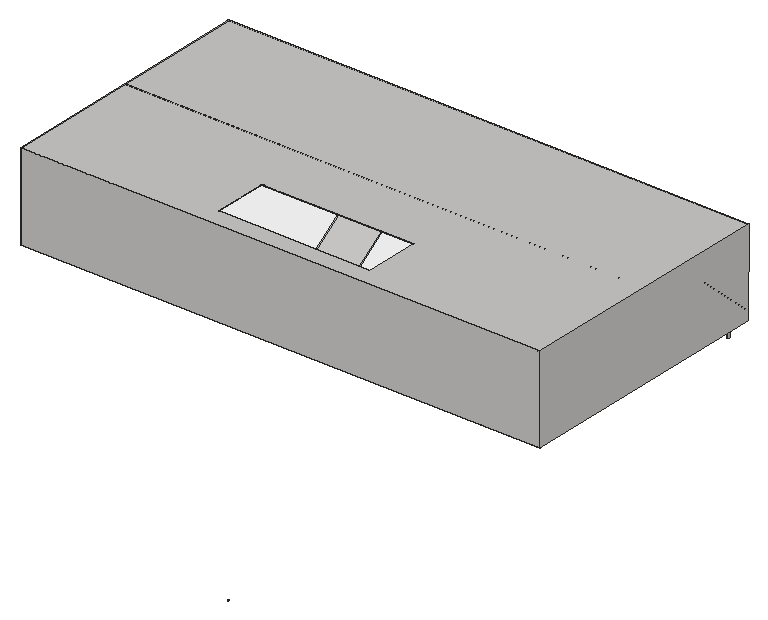
Revit family "QF_ELECTROLUXPROFESSIONAL_640191_EPF1224", category Specialty Equipment, Revit 2014
Reference planes
  plane 1: z = 0
  plane 2 "Center (Left/Right)": x = 150
  plane 3 "LEFT": x = -1050
  plane 4 "RIGHT": x = 1350
  plane 5 "BACK": y = 550
  plane 6 "TOP": z = 2400
  plane 7 "Base": z = 2000
  plane 8: z = 1970
  plane 9 "DrainY": y = 450
  plane 10: x = -1047
  plane 11: y = -320
  plane 12: y = -570
  plane 13 "DrainX": x = 1337
  plane 14 "AOLeft": x = -200
  plane 15 "AORight": x = 500
  plane 16: x = 1347
  plane 17: x = -850
  plane 18: x = 1150
  plane 19 "Center (Front/Back)": y = -50
  plane 20 "Front": y = -650
  plane 21: through (0, -49.6, 2399.19) normal (0, -0.5736, 0.8192)
  plane 22: x = 50
  plane 23: x = 250
Forms (mm)
  Extrusion 1, solid, material "QF_Finishes_Stainless Steel"
    sketch origin (-1050, 0, 360) x (0, 1, 0) y (0, 0, 1)
      loop
        line (550, 1640) -> (550, 2040) -> (-650, 2040) -> (-650, 1640) -> (550, 1640)
    from 0 to 3
  Extrusion 2, solid, material "QF_Finishes_Stainless Steel"
    sketch origin (1350, 0, 360) x (0, 1, 0) y (0, 0, 1)
      loop
        line (550, 1640) -> (550, 2040) -> (-650, 2040) -> (-650, 1640) -> (550, 1640)
    from 0 to -3
  Extrusion 3, solid, material "QF_Finishes_Stainless Steel"
    sketch origin (150, 0, 360) x (0, 1, 0) y (0, 0, 1)
      loop
        line (-650, 2040) -> (-650, 1640) -> (-640, 1640) -> (-640, 1640.8) -> (-649.2, 1640.8) -> (-649.2, 2039.19) -> (549.2, 2039.19) -> (549.2, 1640.8) -> (540, 1640.8) -> (540, 1640) -> (550, 1640) -> (550, 2040) -> (-650, 2040)
    from -1200 to 1200
  Extrusion 4, solid, material "QF_Finishes_Stainless Steel"
    sketch origin (0, 0, 2000) x (0, 1, 0) y (-1, 0, 0)
      loop
        circle (450, -1337) r 4.763
    from -30 to 0
  Extrusion 5, void
    sketch origin (0, 0, 2400) x (0, 1, 0) y (-1, 0, 0)
      loop
        line (-320, -500) -> (-320, 200) -> (-570, 200) -> (-570, -500) -> (-320, -500)
    from 0 to -10
  Extrusion 6, solid, material "QF_Finishes_Stainless Steel"
    sketch origin (0, 0, 0) x (1, 0, 0) y (0, 1, 0)
      loop
        line (-1050, 550) -> (-1050, 549) -> (-1049, 549) -> (-1049, 550) -> (-1050, 550)
    from 0 to 1
  Extrusion 7, solid, material "QF_Finishes_Stainless Steel"
    sketch origin (150, 0, 360) x (0, 1, 0) y (0, 0, 1)
      loop
        line (-131.515, 1981.832) -> (-134.381, 1985.926) -> (-573.276, 1678.608) -> (-570.553, 1674.415) -> (-131.515, 1981.832)
    from -1000 to -1197
  Extrusion 8, solid, material "QF_Finishes_Stainless Steel"
    sketch origin (150, 0, 360) x (0, 1, 0) y (0, 0, 1)
      loop
        line (-650, 2039.19) -> (-650, 1640) -> (-619.702, 1640) -> (-570.553, 1674.415) -> (-578.723, 1686.995) -> (-579.394, 1686.559) -> (-571.645, 1674.627) -> (-619.955, 1640.8) -> (-649.2, 1640.8) -> (-649.2, 2039.19) -> (-650, 2039.19)
      loop
        line (-49.6, 2039.19) -> (-50.995, 2039.19) -> (-131.319, 1982.947) -> (-139.464, 1994.578) -> (-140.119, 1994.12) -> (-131.515, 1981.832) -> (-49.6, 2039.19)
    from -1197 to 1197
  Extrusion 9, solid, material "QF_Finishes_Stainless Steel"
    sketch origin (150, 0, 360) x (0, 1, 0) y (0, 0, 1)
      loop
        line (-131.515, 1981.832) -> (-134.381, 1985.926) -> (-573.276, 1678.608) -> (-570.553, 1674.415) -> (-131.515, 1981.832)
    from 1197 to 1000
  Extrusion 10, solid, material "QF_Finishes_Stainless Steel"
    sketch origin (150, 0, 360) x (0, 1, 0) y (0, 0, 1)
      loop
        line (-131.515, 1981.832) -> (-134.381, 1985.926) -> (-573.276, 1678.608) -> (-570.553, 1674.415) -> (-131.515, 1981.832)
    from -100 to 100
  Extrusion 11, solid, material "QF_Finished_Chrome"
    sketch origin (150, 0, 360) x (0, 1, 0) y (0, 0, 1)
      loop
        line (-131.515, 1981.832) -> (-134.381, 1985.926) -> (-573.276, 1678.608) -> (-570.553, 1674.415) -> (-131.515, 1981.832)
    from -1000 to -100
  Extrusion 12, solid, material "QF_Finished_Chrome"
    sketch origin (150, 0, 360) x (0, 1, 0) y (0, 0, 1)
      loop
        line (-131.515, 1981.832) -> (-134.381, 1985.926) -> (-573.276, 1678.608) -> (-570.553, 1674.415) -> (-131.515, 1981.832)
    from 100 to 1000
  Sweep 13, solid, material "QF_Finishes_Stainless Steel"
    path origin (0, 0, 0) x (1, 0, 0) y (0, 1, 0)
      loop
        line (1350, 550) -> (-1050, 550) -> (-1050, -650) -> (1350, -650) -> (1350, 550)
    profile origin (1350, -50, 0) x (1, 0, 0) y (0, 0, 1)
      loop
        line (-3, 2000) -> (-3, 2000.8) -> (-19, 2000.8) -> (-19, 2010) -> (-20, 2010) -> (-20, 2000) -> (-3, 2000)
  Extrusion 14, solid, material "QF_Finishes_Stainless Steel"
    sketch origin (150, 0, 0) x (0, 1, 0) y (0, 0, 1)
      loop
        line (549.2, 2040.8) -> (549.2, 2041.877) -> (289.521, 2275.693) -> (-43.438, 2399.19) -> (-45.739, 2399.19) -> (289.099, 2274.996) -> (549.2, 2040.8)
    from -1197 to 1197
Cuts and joins
  Extrusion 5 cuts Extrusion 3
  joined: Extrusion 2, Extrusion 3, Sweep 13
Lines and regions (mm)
  symbolic lines, style "SpecialityEquipment", detail levels coarse
    curve 1: line (1350, 550, 2400) -> (-1050, 550, 2400)
    curve 2: line (-1050, 550, 2400) -> (-1050, -650.8, 2400)
    curve 3: line (1350, -650.8, 2400) -> (1350, 550, 2400)
    curve 4: line (-1050, -650.8, 2400) -> (1350, -650.8, 2400)
    curve 5: line (500, -570, 2400) -> (-200, -570, 2400)
    curve 6: line (500, -320, 2400) -> (500, -570, 2400)
    curve 7: line (-200, -320, 2400) -> (500, -320, 2400)
    curve 8: line (-200, -570, 2400) -> (-200, -320, 2400)
    curve 9: line (-1050, 550, 0) -> (1350, -550, 0)
    curve 10: line (1350, 550, 0) -> (-1050, -550, 0)
Dimensions and locks
  plane 3 "LEFT" to plane 4 "RIGHT" = 2400 mm
  equal spacing: plane 3 "LEFT", plane 2 "Center (Left/Right)", plane 4 "RIGHT"
  plane 7 "Base" to plane 8 = 30 mm
  plane 5 "BACK" to plane 9 "DrainY" = 100 mm  (x2)
  plane 3 "LEFT" to plane 10 = 3 mm
  plane 13 "DrainX" to plane 4 "RIGHT" = 13 mm
  plane 16 to plane 4 "RIGHT" = 3 mm
  plane 3 "LEFT" to plane 17 = 200 mm
  plane 18 to plane 4 "RIGHT" = 200 mm
  locked: plane 14 "AOLeft" to plane 15 "AORight" at 700
  equal spacing: plane 14 "AOLeft", plane 2 "Center (Left/Right)", plane 15 "AORight"
  locked: plane 7 "Base" to level at 2000
  locked: plane 6 "TOP" to plane 7 "Base" at 400
  plane 5 "BACK" to plane 20 "Front" = 1200 mm  (x2)
  equal spacing: plane 5 "BACK", plane 19 "Center (Front/Back)", plane 20 "Front"
  locked: plane 22 to plane 23 at 200
  equal spacing: plane 22, plane 2 "Center (Left/Right)", plane 23
  plane 12 to plane 20 "Front" = 80 mm
  locked: plane 11 to plane 12 at 250
  aligned and locked: level to plane 1
  aligned and locked: plane 4 "RIGHT" to Extrusion 3
  aligned and locked: Extrusion 3 to plane 3 "LEFT"
  aligned and locked: Extrusion 5 to plane 14 "AOLeft"
  aligned and locked: Extrusion 5 to plane 12
  aligned and locked: Extrusion 5 to plane 11
  aligned and locked: Extrusion 7 to plane 10
  aligned and locked: Extrusion 7 to plane 17
  aligned and locked: Extrusion 2 to plane 16
  aligned and locked: Extrusion 5 to plane 15 "AORight"
  aligned and locked: plane 15 "AORight" to curve 6
  aligned and locked: plane 16 to Extrusion 9
  aligned and locked: plane 18 to Extrusion 9
  aligned and locked: plane 23 to Extrusion 10
  aligned and locked: Extrusion 10 to plane 22
  aligned and locked: plane 22 to Extrusion 11
  aligned and locked: Extrusion 11 to plane 17
  aligned and locked: Extrusion 12 to plane 23
  aligned and locked: Extrusion 12 to plane 18
  aligned and locked: Extrusion 14 to plane 10
  aligned and locked: plane 16 to Extrusion 14
  aligned and locked: Extrusion 8 to plane 10
  aligned and locked: plane 16 to Extrusion 8
Automatic sketch dimensions
  curve 10 to plane 3 "LEFT" = 0 mm
  curve 9 to plane 3 "LEFT" = 0 mm
  curve 10 to plane 4 "RIGHT" = 0 mm
  curve 9 to plane 4 "RIGHT" = 0 mm
  curve 10 to plane 5 "BACK" = 0 mm
  curve 9 to plane 5 "BACK" = 0 mm
  plane 20 "Front" to curve 10 = 100 mm
  plane 20 "Front" to curve 9 = 100 mm
  curve 4 to plane 4 "RIGHT" = 0 mm
  curve 2 to plane 3 "LEFT" = 0 mm
  curve 5 to plane 12 = 0 mm
  plane 11 to curve 7 = 0 mm
  curve 2 to plane 5 "BACK" = 0 mm
  curve 5 to plane 14 "AOLeft" = 0 mm
  curve 4 to plane 20 "Front" = 0.8 mm
  Extrusion 1 sketch curve to plane 7 "Base" = 0 mm
  Extrusion 1 sketch curve to plane 20 "Front" = 0 mm
  Extrusion 1 sketch curve to plane 5 "BACK" = 0 mm
  Extrusion 1 sketch curve to plane 6 "TOP" = 0 mm
  Extrusion 2 sketch curve to plane 7 "Base" = 0 mm
  Extrusion 2 sketch curve to plane 20 "Front" = 0 mm
  Extrusion 2 sketch curve to plane 5 "BACK" = 0 mm
  Extrusion 2 sketch curve to plane 6 "TOP" = 0 mm
  Extrusion 3 sketch curve to plane 6 "TOP" = 0 mm
  Extrusion 3 sketch curve to plane 20 "Front" = 0 mm
  Extrusion 3 sketch curve to plane 7 "Base" = 0 mm  (x2)
  Extrusion 3 sketch curve to plane 5 "BACK" = 0 mm
  plane 20 "Front" to Extrusion 3 sketch curve = 0.8 mm
  Extrusion 3 sketch curve to Extrusion 3 sketch curve = 9.2 mm
  plane 7 "Base" to Extrusion 3 sketch curve = 0.8 mm  (x2)
  Extrusion 3 sketch curve to plane 5 "BACK" = 10 mm
  Extrusion 3 sketch curve to plane 5 "BACK" = 0.8 mm
  Extrusion 3 sketch curve to plane 6 "TOP" = 0.81 mm
  Extrusion 4 sketch curve to plane 9 "DrainY" = 0 mm
  Extrusion 4 sketch curve to plane 13 "DrainX" = 0 mm
  Extrusion 5 sketch curve to plane 12 = 0 mm
  plane 11 to Extrusion 5 sketch curve = 0 mm
  Extrusion 5 sketch curve to plane 15 "AORight" = 0 mm
  Extrusion 5 sketch curve to plane 14 "AOLeft" = 0 mm
  Extrusion 6 sketch curve to plane 3 "LEFT" = 0 mm
  Extrusion 6 sketch curve to plane 5 "BACK" = 0 mm
  plane 3 "LEFT" to Extrusion 6 sketch curve = 1 mm
  Extrusion 6 sketch curve to Extrusion 6 sketch curve = 1 mm
  Extrusion 7 sketch curve to plane 21 = 0 mm  (x2)
  plane 20 "Front" to Extrusion 7 sketch curve = 76.724 mm
  plane 7 "Base" to Extrusion 7 sketch curve = 34.415 mm
  Extrusion 7 sketch curve to plane 6 "TOP" = 54.074 mm
  Extrusion 7 sketch curve to plane 19 "Center (Front/Back)" = 84.381 mm
  Extrusion 8 sketch curve to plane 20 "Front" = 0 mm
  Extrusion 8 sketch curve to plane 7 "Base" = 0 mm
  Extrusion 8 sketch curve to plane 21 = 0 mm  (x4)
  plane 20 "Front" to Extrusion 8 sketch curve = 0.8 mm
  Extrusion 8 sketch curve to Extrusion 8 sketch curve = 0.252 mm
  Extrusion 8 sketch curve to Extrusion 8 sketch curve = 40.561 mm
  plane 7 "Base" to Extrusion 8 sketch curve = 46.995 mm
  Extrusion 8 sketch curve to Extrusion 8 sketch curve = 0.671 mm
  plane 7 "Base" to Extrusion 8 sketch curve = 34.627 mm
  Extrusion 8 sketch curve to Extrusion 8 sketch curve = 7.749 mm
  Extrusion 8 sketch curve to plane 6 "TOP" = 45.88 mm
  Extrusion 8 sketch curve to plane 19 "Center (Front/Back)" = 90.119 mm
  Extrusion 8 sketch curve to plane 6 "TOP" = 45.422 mm
  Extrusion 8 sketch curve to plane 6 "TOP" = 57.053 mm
  Extrusion 8 sketch curve to plane 6 "TOP" = 0.81 mm  (x2)
  plane 7 "Base" to Extrusion 8 sketch curve = 0.8 mm
  Extrusion 9 sketch curve to plane 21 = 0 mm  (x2)
  plane 20 "Front" to Extrusion 9 sketch curve = 76.724 mm
  plane 7 "Base" to Extrusion 9 sketch curve = 34.415 mm
  Extrusion 9 sketch curve to plane 6 "TOP" = 54.074 mm
  Extrusion 9 sketch curve to plane 19 "Center (Front/Back)" = 84.381 mm
  Extrusion 10 sketch curve to plane 21 = 0 mm  (x2)
  plane 20 "Front" to Extrusion 10 sketch curve = 76.724 mm
  plane 7 "Base" to Extrusion 10 sketch curve = 34.415 mm
  Extrusion 10 sketch curve to plane 6 "TOP" = 54.074 mm
  Extrusion 10 sketch curve to plane 19 "Center (Front/Back)" = 84.381 mm
  Extrusion 11 sketch curve to plane 21 = 0 mm  (x2)
  plane 20 "Front" to Extrusion 11 sketch curve = 76.724 mm
  plane 7 "Base" to Extrusion 11 sketch curve = 34.415 mm
  Extrusion 11 sketch curve to plane 6 "TOP" = 54.074 mm
  Extrusion 11 sketch curve to plane 19 "Center (Front/Back)" = 84.381 mm
  Extrusion 12 sketch curve to plane 21 = 0 mm  (x2)
  plane 20 "Front" to Extrusion 12 sketch curve = 76.724 mm
  plane 7 "Base" to Extrusion 12 sketch curve = 34.415 mm
  Extrusion 12 sketch curve to plane 6 "TOP" = 54.074 mm
  Extrusion 12 sketch curve to plane 19 "Center (Front/Back)" = 84.381 mm
  Sweep 13 sketch curve to plane 3 "LEFT" = 0 mm
  Sweep 13 sketch curve to plane 4 "RIGHT" = 0 mm
  Sweep 13 sketch curve to plane 20 "Front" = 0 mm
  Sweep 13 sketch curve to plane 5 "BACK" = 0 mm
  profile plane to Sweep 13 sketch curve = 20 mm
  Sweep 13 sketch curve to Sweep 13 sketch curve = 1 mm
  profile plane to Sweep 13 sketch curve = 3 mm
  level to Sweep 13 sketch curve = 2000 mm
  Sweep 13 sketch curve to Sweep 13 sketch curve = 0.8 mm
  Sweep 13 sketch curve to Sweep 13 sketch curve = 9.2 mm
  Extrusion 14 sketch curve to plane 9 "DrainY" = 160.901 mm
  Extrusion 14 sketch curve to Extrusion 14 sketch curve = 0.422 mm
  Extrusion 14 sketch curve to plane 5 "BACK" = 0.8 mm
  plane 7 "Base" to Extrusion 14 sketch curve = 40.8 mm
  Extrusion 14 sketch curve to Extrusion 14 sketch curve = 1.077 mm
  Extrusion 14 sketch curve to plane 6 "TOP" = 125.004 mm
  Extrusion 14 sketch curve to Extrusion 14 sketch curve = 0.697 mm
  Extrusion 14 sketch curve to plane 6 "TOP" = 0.81 mm
  plane 19 "Center (Front/Back)" to Extrusion 14 sketch curve = 6.562 mm
  Extrusion 14 sketch curve to Extrusion 14 sketch curve = 2.3 mm
  Extrusion 14 sketch curve to Extrusion 14 sketch curve = 0 mm
  radius of Extrusion 4 sketch curve = 4.763 mm
Connectors
  piping at (1337, 450, 1970), diameter 9.5
    settings: on Extrusion 4, index 1, connector inside diameter 609.6 mm, connector length 0 mm, flow factor 0, pipe flow 0.0 L/s, pressure drop 0.0 Pa, fitting loss kfactor 0, connector angle 0.00°, fixture units 0, engagement length 0 mm, angle of deflection 0.00°, flow configuration 1, flow direction 2, fitting loss method 0, system type 16, joint type 0, gender type 0, connector reference index -1, connector utility 0, adjustable connector no, is connector primary yes, connector description "Drain"
  hvac at (150, -445, 2400)
    settings: on Extrusion 5, index 2, duct flow 0.0 L/s, flow factor 0, pres drop 0.0 Pa, loss coef 0, conn angle 0.00°, conn width 250 mm, conn height 700 mm, conn diameter 609.6 mm, duct sys type 3, conn prof type 1, flow config 1, flow direction 0, loss method 0, conn ref index -1, conn util no, is conn primary yes, conn desc "EXHAUST OUTLET"
